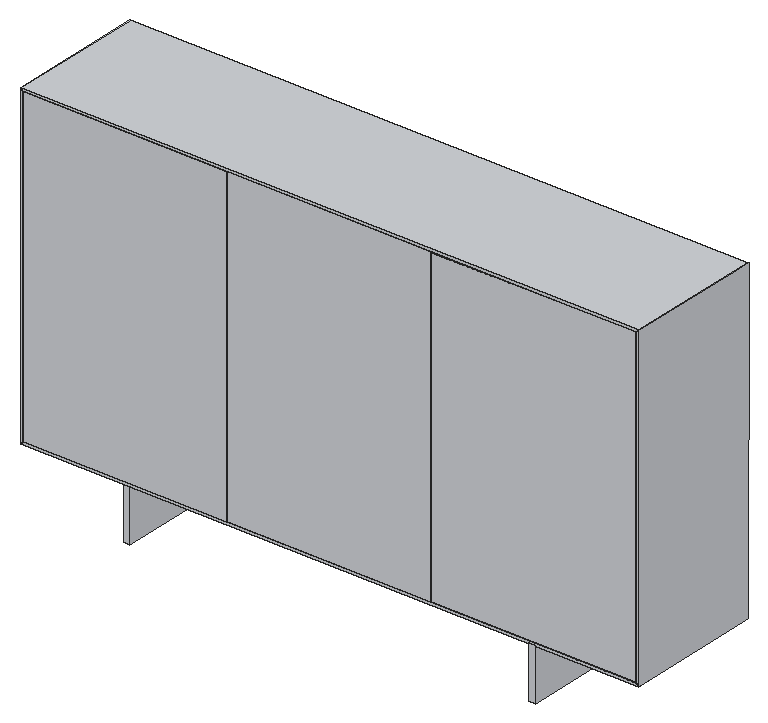
Revit family "321 - Apt 3 Door sideboard", category Furniture, Revit 2020
Family settings
  OmniClass Number = 23.40.20.00
  OmniClass Title = General Furniture and Specialties
  Work Plane-Based = No
  Always vertical = Yes
  Cut with Voids When Loaded = No
  Shared = No
  Room Calculation Point = No
Parameters
  Default Elevation = 0 mm
Reference planes
  plane 1 "Center (Front/Back)": y = 0
  plane 2: z = 0
  plane 3 "Center (Left/Right)": x = 0
  plane 4: y = 200.001
  plane 5: y = -200.001
  plane 6: x = -900
  plane 7: x = 900
  plane 8: y = 190.001
  plane 9: y = 149
  plane 10: y = 129
  plane 11: y = -119.001
  plane 12: y = -86.001
  plane 13: y = -180.001
  plane 14: x = 880
  plane 15: x = 893
  plane 16: x = 891
  plane 17: x = 299
  plane 18: x = 296
  plane 19: x = -296.001
  plane 20: x = -299.001
  plane 21: x = -891
  plane 22: x = -880
  plane 23: x = -893
  plane 24: x = -600
  plane 25: x = -580
  plane 26: x = -307
  plane 27: x = -287
  plane 28: x = 600.001
  plane 29: x = 580.001
  plane 30: x = 287
  plane 31: x = 307
  plane 32: z = 150
  plane 33: z = 170
  plane 34: z = 157
  plane 35: z = 160
  plane 36: z = 159
  plane 37: z = 1100
  plane 38: z = 1080
  plane 39: z = 1060
  plane 40: z = 1070
  plane 41: z = 1073
  plane 42: z = 1071
  plane 43: z = 60
  plane 44: z = 110
Forms (mm)
  Extrusion 1, solid
    sketch origin (-633.378, -1524, 60) x (-1, 0, 0) y (0, -1, 0)
      loop
        line (-53.378, -1437.999) -> (-53.378, -1404.999) -> (-1213.379, -1404.999) -> (-1213.379, -1437.999) -> (-53.378, -1437.999)
    from 50 to 90
  Extrusion 2, solid
    sketch origin (-633.378, -1524, 60) x (-1, 0, 0) y (0, -1, 0)
      loop
        line (-53.378, -1673) -> (-53.378, -1653) -> (-1213.379, -1653) -> (-1213.379, -1673) -> (-53.378, -1673)
    from 0 to 90
  Extrusion 3, solid
    sketch origin (-633.378, -1524, 60) x (-1, 0, 0) y (0, -1, 0)
      loop
        line (-33.378, -1724.001) -> (-33.378, -1323.999) -> (-53.378, -1323.999) -> (-53.378, -1724.001) -> (-33.378, -1724.001)
    from -60 to 90
  Extrusion 4, solid
    sketch origin (-865, -1524, 150) x (-1, 0, 0) y (0, -1, 0)
      loop
        line (35, -1724.001) -> (35, -1323.999) -> (28, -1323.999) -> (28, -1343.999) -> (15, -1343.999) -> (15, -1714.001) -> (25, -1714.001) -> (25, -1724.001) -> (35, -1724.001)
    from 0 to 930
  Extrusion 5, solid
    sketch origin (865, -1524, 150) x (1, 0, 0) y (0, 1, 0)
      loop
        line (35, 1724.001) -> (25, 1724.001) -> (25, 1714.001) -> (15, 1714.001) -> (15, 1343.999) -> (28, 1343.999) -> (28, 1323.999) -> (35, 1323.999) -> (35, 1724.001)
    from 0 to 930
  Extrusion 6, void
    sketch origin (0, 0, 0) x (1, 0, 0) y (0, 0, 1)
      loop
        line (-900, 1080) -> (-880, 1060) -> (-880, 1080) -> (-900, 1080)
      loop
        line (-900, 150) -> (-880, 150) -> (-880, 170) -> (-900, 150)
      loop
        line (880, 170) -> (880, 150) -> (900, 150) -> (880, 170)
      loop
        line (900, 1080) -> (880, 1080) -> (880, 1060) -> (900, 1080)
    from -199.999 to 200.001
  Extrusion 7, solid
    sketch origin (0, 0, 0) x (0, 1, 0) y (0, 0, 1)
      loop
        line (199.999, 1080) -> (-200.001, 1080) -> (-200.001, 1073) -> (-180.001, 1073) -> (-180.001, 1060) -> (190.001, 1060) -> (190.001, 1070) -> (199.999, 1070) -> (199.999, 1080)
      loop
        line (199.999, 150) -> (199.999, 160) -> (190.001, 160) -> (190.001, 170) -> (-180.001, 170) -> (-180.001, 157) -> (-200.001, 157) -> (-200.001, 150) -> (199.999, 150)
    from -900 to 900
  Extrusion 8, void
    sketch origin (0, 0, 0) x (1, 0, 0) y (0, 0, 1)
      loop
        line (-900, 1080) -> (-900, 1060) -> (-880, 1060) -> (-900, 1080)
      loop
        line (-880, 170) -> (-900, 170) -> (-900, 150) -> (-880, 170)
      loop
        line (880, 170) -> (900, 150) -> (900, 170) -> (880, 170)
      loop
        line (900, 1080) -> (880, 1060) -> (900, 1060) -> (900, 1080)
    from -200.001 to 200.001
  Extrusion 9, solid
    sketch origin (948.253, -1524, 170) x (0, -1, 0) y (-1, 0, 0)
      loop
        line (-1714.001, 1255.253) -> (-1714.001, 1235.253) -> (-1343.999, 1235.253) -> (-1343.999, 1255.253) -> (-1714.001, 1255.253)
      loop
        line (-1714.001, 661.253) -> (-1714.001, 641.253) -> (-1343.999, 641.253) -> (-1343.999, 661.253) -> (-1714.001, 661.253)
    from 0 to -890
  Extrusion 10, solid
    sketch origin (-945.162, -1524, 160) x (-1, 0, 0) y (0, -1, 0)
      loop
        line (-55.162, -1724.001) -> (-55.162, -1714.001) -> (-1835.162, -1714.001) -> (-1835.162, -1724.001) -> (-55.162, -1724.001)
    from 0 to 910
  Extrusion 11, solid
    sketch origin (-945.162, -1524, 159) x (-1, 0, 0) y (0, -1, 0)
      loop
        line (-54.162, -1343.999) -> (-54.162, -1323.999) -> (-646.162, -1323.999) -> (-646.162, -1343.999) -> (-54.162, -1343.999)
    from 0 to 912
  Extrusion 12, solid
    sketch origin (633.378, -1524, 60) x (1, 0, 0) y (0, 1, 0)
      loop
        line (-33.378, 1724.001) -> (-53.378, 1724.001) -> (-53.378, 1323.999) -> (-33.378, 1323.999) -> (-33.378, 1724.001)
    from -60 to 90
  Extrusion 13, solid
    sketch origin (-350.163, -1524, 159) x (-1, 0, 0) y (0, -1, 0)
      loop
        line (-54.162, -1343.999) -> (-54.162, -1323.999) -> (-646.162, -1323.999) -> (-646.162, -1343.999) -> (-54.162, -1343.999)
    from 0 to 912
  Extrusion 14, solid
    sketch origin (244.837, -1524, 159) x (-1, 0, 0) y (0, -1, 0)
      loop
        line (-54.162, -1343.999) -> (-54.162, -1323.999) -> (-646.162, -1323.999) -> (-646.162, -1343.999) -> (-54.162, -1343.999)
    from 0 to 912
Cuts and joins
  Extrusion 6 cuts Extrusion 4
  Extrusion 6 cuts Extrusion 5
  Extrusion 8 cuts Extrusion 7
Dimensions and locks
  aligned and locked: level to plane 2
